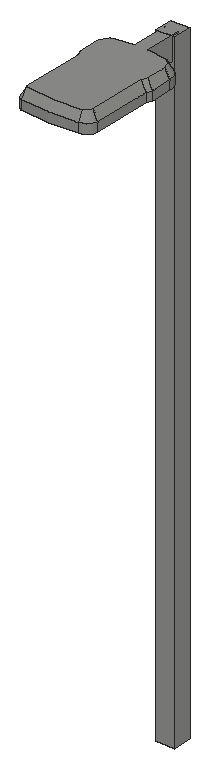
Revit family "VP-2-A", category Lighting Fixtures, host Face, Revit 2019 (continued)
Definition of nested family "SIZE2"
  Automatic sketch dimensions
    Extrusion 23 sketch curve to Extrusion 23 sketch curve = 0.06241"
    Extrusion 23 sketch curve to Extrusion 23 sketch curve = 0.47992"
    Extrusion 23 sketch curve to Extrusion 23 sketch curve = 0.20146"
    Extrusion 24 sketch curve to plane 4 = 1.71682"
    Extrusion 24 sketch curve to plane 8 = 0.46661"
    Extrusion 24 sketch curve to Extrusion 24 sketch curve = 0.02618"
    Extrusion 24 sketch curve to Extrusion 24 sketch curve = 0.1119"
    Extrusion 24 sketch curve to plane 8 = 0.03691"
    Extrusion 24 sketch curve to Extrusion 24 sketch curve = 0.36056"
    Extrusion 24 sketch curve to plane 8 = 0.00781"
    Extrusion 24 sketch curve to Extrusion 24 sketch curve = 0.06241"
    Extrusion 24 sketch curve to Extrusion 24 sketch curve = 0.47992"
    Extrusion 24 sketch curve to Extrusion 24 sketch curve = 0.20146"
    Extrusion 25 sketch curve to plane 4 = 1.71682"
    Extrusion 25 sketch curve to plane 8 = 0.46661"
    Extrusion 25 sketch curve to Extrusion 25 sketch curve = 0.02618"
    Extrusion 25 sketch curve to Extrusion 25 sketch curve = 0.1119"
    Extrusion 25 sketch curve to plane 8 = 0.03691"
    Extrusion 25 sketch curve to Extrusion 25 sketch curve = 0.36056"
    Extrusion 25 sketch curve to plane 8 = 0.00781"
    Extrusion 25 sketch curve to Extrusion 25 sketch curve = 0.06241"
    Extrusion 25 sketch curve to Extrusion 25 sketch curve = 0.47992"
    Extrusion 25 sketch curve to Extrusion 25 sketch curve = 0.20146"
    Extrusion 26 sketch curve to plane 4 = 1.71682"
    Extrusion 26 sketch curve to plane 8 = 0.46661"
    Extrusion 26 sketch curve to Extrusion 26 sketch curve = 0.02618"
    Extrusion 26 sketch curve to Extrusion 26 sketch curve = 0.1119"
    Extrusion 26 sketch curve to plane 8 = 0.03691"
    Extrusion 26 sketch curve to Extrusion 26 sketch curve = 0.36056"
    Extrusion 26 sketch curve to plane 8 = 0.00781"
    Extrusion 26 sketch curve to Extrusion 26 sketch curve = 0.06241"
    Extrusion 26 sketch curve to Extrusion 26 sketch curve = 0.47992"
    Extrusion 26 sketch curve to Extrusion 26 sketch curve = 0.20146"
    Extrusion 27 sketch curve to plane 5 = 1.71682"
    plane 8 to Extrusion 27 sketch curve = 0.46661"
    Extrusion 27 sketch curve to Extrusion 27 sketch curve = 0.02618"
    Extrusion 27 sketch curve to Extrusion 27 sketch curve = 0.1119"
    plane 8 to Extrusion 27 sketch curve = 0.03691"
    Extrusion 27 sketch curve to Extrusion 27 sketch curve = 0.36056"
    plane 8 to Extrusion 27 sketch curve = 0.00781"
    Extrusion 27 sketch curve to Extrusion 27 sketch curve = 0.06241"
    Extrusion 27 sketch curve to Extrusion 27 sketch curve = 0.47992"
    Extrusion 27 sketch curve to Extrusion 27 sketch curve = 0.20146"
    plane 5 to Extrusion 28 sketch curve = 1.71682"
    Extrusion 28 sketch curve to plane 8 = 0.46661"
    Extrusion 28 sketch curve to Extrusion 28 sketch curve = 0.02618"
    Extrusion 28 sketch curve to Extrusion 28 sketch curve = 0.1119"
    Extrusion 28 sketch curve to plane 8 = 0.03691"
    Extrusion 28 sketch curve to Extrusion 28 sketch curve = 0.36056"
    Extrusion 28 sketch curve to plane 8 = 0.00781"
    Extrusion 28 sketch curve to Extrusion 28 sketch curve = 0.06241"
    Extrusion 28 sketch curve to Extrusion 28 sketch curve = 0.47992"
    Extrusion 28 sketch curve to Extrusion 28 sketch curve = 0.20146"
    plane 5 to Extrusion 29 sketch curve = 1.71682"
    Extrusion 29 sketch curve to plane 8 = 0.46661"
    Extrusion 29 sketch curve to Extrusion 29 sketch curve = 0.02618"
    Extrusion 29 sketch curve to Extrusion 29 sketch curve = 0.1119"
    Extrusion 29 sketch curve to plane 8 = 0.03691"
    Extrusion 29 sketch curve to Extrusion 29 sketch curve = 0.36056"
    Extrusion 29 sketch curve to plane 8 = 0.00781"
    Extrusion 29 sketch curve to Extrusion 29 sketch curve = 0.06241"
    Extrusion 29 sketch curve to Extrusion 29 sketch curve = 0.47992"
    Extrusion 29 sketch curve to Extrusion 29 sketch curve = 0.20146"
    plane 5 to Extrusion 30 sketch curve = 1.71682"
    Extrusion 30 sketch curve to plane 8 = 0.46661"
    Extrusion 30 sketch curve to Extrusion 30 sketch curve = 0.02618"
    Extrusion 30 sketch curve to Extrusion 30 sketch curve = 0.1119"
    Extrusion 30 sketch curve to plane 8 = 0.03691"
    Extrusion 30 sketch curve to Extrusion 30 sketch curve = 0.36056"
    Extrusion 30 sketch curve to plane 8 = 0.00781"
    Extrusion 30 sketch curve to Extrusion 30 sketch curve = 0.06241"
    Extrusion 30 sketch curve to Extrusion 30 sketch curve = 0.47992"
    Extrusion 30 sketch curve to Extrusion 30 sketch curve = 0.20146"
    plane 5 to Extrusion 31 sketch curve = 1.71682"
    Extrusion 31 sketch curve to plane 8 = 0.46661"
    Extrusion 31 sketch curve to Extrusion 31 sketch curve = 0.02618"
    Extrusion 31 sketch curve to Extrusion 31 sketch curve = 0.1119"
    Extrusion 31 sketch curve to plane 8 = 0.03691"
    Extrusion 31 sketch curve to Extrusion 31 sketch curve = 0.36056"
    Extrusion 31 sketch curve to plane 8 = 0.00781"
    Extrusion 31 sketch curve to Extrusion 31 sketch curve = 0.06241"
    Extrusion 31 sketch curve to Extrusion 31 sketch curve = 0.47992"
    Extrusion 31 sketch curve to Extrusion 31 sketch curve = 0.20146"
    plane 5 to Extrusion 32 sketch curve = 1.77513"
    Extrusion 32 sketch curve to Extrusion 32 sketch curve = 0.35"  (x3)
    Extrusion 32 sketch curve to plane 4 = 2.07197"  (x2)
    plane 6 to Extrusion 32 sketch curve = 7.81182"
    Extrusion 32 sketch curve to Extrusion 32 sketch curve = 5.05"
    plane 5 to Extrusion 33 sketch curve = 2.33171"
    Extrusion 33 sketch curve to Extrusion 33 sketch curve = 0.00"  (x61)
    Extrusion 33 sketch curve to Extrusion 33 sketch curve = 0.51875"  (x27)
    plane 6 to Extrusion 33 sketch curve = 8.73694"
    Extrusion 33 sketch curve to Extrusion 33 sketch curve = 0.50"  (x72)
    plane 4 to Extrusion 34 sketch curve = 2.33171"
    Extrusion 34 sketch curve to Extrusion 34 sketch curve = 0.00"  (x61)
    Extrusion 34 sketch curve to Extrusion 34 sketch curve = 0.51875"  (x27)
    Extrusion 34 sketch curve to plane 6 = 8.73694"
    Extrusion 34 sketch curve to Extrusion 34 sketch curve = 0.50"  (x72)
    plane 5 to Extrusion 35 sketch curve = 1.89345"
    Extrusion 35 sketch curve to Extrusion 35 sketch curve = 0.25"  (x3)
    Extrusion 35 sketch curve to plane 3 "Center (Left/Right)" = 0.54655"  (x2)
    plane 6 to Extrusion 35 sketch curve = 8.2409"
    Extrusion 35 sketch curve to Extrusion 35 sketch curve = 4.50"
    plane 4 to Extrusion 36 sketch curve = 1.89345"
    Extrusion 36 sketch curve to Extrusion 36 sketch curve = 0.25"  (x3)
    Extrusion 36 sketch curve to plane 3 "Center (Left/Right)" = 0.54655"  (x2)
    Extrusion 36 sketch curve to plane 6 = 8.2409"
    Extrusion 36 sketch curve to Extrusion 36 sketch curve = 4.50"
    radius of Extrusion 8 sketch curve = 0.15"  (x81)
    radius of Extrusion 9 sketch curve = 0.15"  (x81)
    radius of Extrusion 33 sketch curve = 0.15"  (x81)
    radius of Extrusion 34 sketch curve = 0.15"  (x81)
